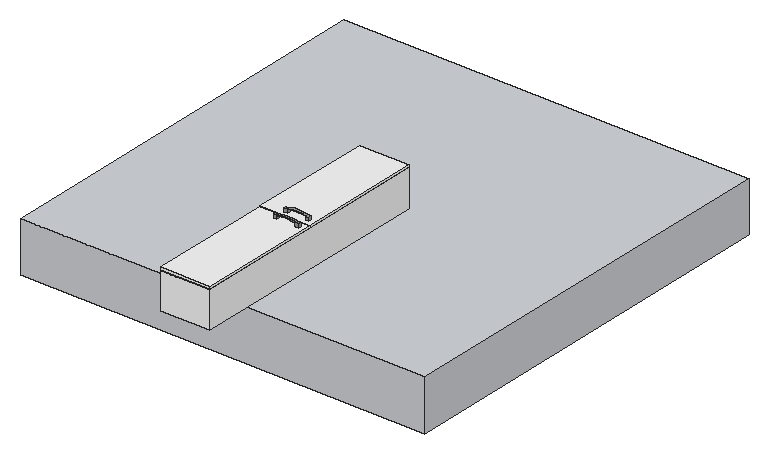
Revit family "IS_Tempo_E3243_BIM_GB", category Plumbing Fixtures, host Face, Revit 2012
Parameters (values of type "E3243WG - Tempo 300 x 235 x 1500mm Column Unit With 2 Doors - Gloss White")
  WaterEfficientProduct = no
  WarrantyStartDate [instance] = "1900-12-31T23:59:59"
  WarrantyGuarantorParts = "Productinfo@thebluebook.co.uk"
  WarrantyGuarantorLabor = "n/a"
  WarrantyDurationUnit = "year"
  WarrantyDurationParts = "5"
  WarrantyDurationLabor = "n/a"
  WarrantyDescription = "Manufacturers warranty"
  WRAS = no
  WFU = 0
  VolumeUnits = "Litres"
  Version = "1"
  Uniclass2 = "Pr_40_30_78_04"
  URL = "www.idealspec.co.uk"
  TagNumber [instance] = "n/a"
  TMV3 = no
  SustainabilityPerformance = "n/a"
  Style = "n/a"
  SpareParts = "www.fastpart-spares.co.uk"
  Space = "Internal"
  Size = "1500 x 300 x 235 mm"
  Shape = "Rectangular"
  SerialNumber [instance] = "n/a"
  Revision = "n/a"
  ReplacementCost = "n/a"
  ProductInformation = "www.idealspec.co.uk/assets/datasheet/E3243WG"
  Phone = "01482 346 461"
  NominalWidth = 300 mm
  NominalLength = 235 mm
  NominalHeight = 1500 mm
  NominalDepth = 235 mm
  NettWeight = "n/a"
  Name = "Furniture_Tempo_E3243WG_IdealStandard"
  NBSTypeID = "n/a"
  NBSReference = "45-35-72/320"
  NBSOfficeMasterTag = "n/a"
  NBSNote = "n/a"
  NBSDescription = "Bathroom integrated duct work"
  NBSCertification = "n/a"
  ModelReference = Description  # "Tempo 300 x 235 x 1500mm Column Unit With 2 Doors"
  ModelNumber = Model  # "E3243WG"
  Model = "E3243WG"
  Material = "Laminated board"
  ManufacturerURL = "www.specifysottini.co.uk"
  Manufacturer = "Productinfo@thebluebook.co.uk"
  MainColor = "White"
  LinearUnits = "millimeters"
  Laminate = ISI_IdealStandard_Laminate_WhiteGloss_Render
  Keynote = "n/a"
  InstallationInstructions = "www.idealspec.co.uk/resources.html"
  InstallationDate [instance] = "1900-12-31T23:59:59"
  IfcExportType = "USERDEFINED"
  IfcExportAs = "IfcFurnitureType"
  Handles = ISI_IdealStandard_Handles_Silver_Render
  HWFU = 0
  GrossWeight = "n/a"
  Grade = "n/a"
  Finish = Color  # "GlossWhite"
  Features = "2 doors"
  ExpectedLife = "30"
  ECA = no
  DurationUnit = "year"
  DistributedBy = "n/a"
  Description = "Tempo 300 x 235 x 1500mm Column Unit With 2 Doors"
  Default Elevation = 1800 mm
  CurrencyUnit = "n/a"
  CreatedOn = "2015-08-13"
  Constituents = "n/a"
  Color = "GlossWhite"
  CodePerformance = "n/a"
  CWFU = 0
  Brand = "Ideal Standard"
  BarCode [instance] = "n/a"
  BREEAM = no
  BIMObjectName = "ISI_IdealStandard_Furniture_Tempo_E3243WG"
  Author = "Ideal Standard (UK) Ltd"
  AssetType = "Fixed"
  AssetIdentifier [instance] = "n/a"
  Assembly Code = "C1030200"
  AreaUnits = "millimeters"
  AreaMeasurement = "n/a"
  Accessories = "www.idealspec.co.uk"
  AccessibilityPerformance = "n/a"
Types (2, lengths in mm): name | ProductInformation | Name | ModelNumber | Model | Laminate | Finish | Color | BIMObjectName
  E3243WG - Tempo 300 x 235 x 1500mm Column Unit With 2 Doors - Gloss White | "www.idealspec.co.uk/assets/datasheet/E3243WG" | "Furniture_Tempo_E3243WG_IdealStandard" | "E3243WG" | "E3243WG" | ISI_IdealStandard_Laminate_WhiteGloss_Render | "GlossWhite" | "GlossWhite" | "ISI_IdealStandard_Furniture_Tempo_E3243WG"
  E3243SG - Tempo 300 x 235 x 1500mm Column Unit With 2 Doors - Sandy grey | "www.idealspec.co.uk/assets/datasheet/E3243SG" | "Furniture_Tempo_E3243SG_IdealStandard" | "E3243SG" | "E3243SG" | ISI_IdealStandard_Laminate_SandyGrey_Render | "Sandy Grey" | "Sandy Grey" | "ISI_IdealStandard_Furniture_Tempo_E3243SG"
Reference planes
  plane 1 "Center (Front/Back)": y = 0
  plane 2: z = 0
  plane 3 "Center (Left/Right)": x = 0
  plane 4: x = -150
  plane 5: x = 150
  plane 6: y = -1500
  plane 7: z = 235
  plane 8: z = 223
  plane 9: x = -140
  plane 10: x = 140
  plane 11: y = -10
  plane 12: y = -1490
  plane 13: y = -750
  plane 14: y = -747.5
  plane 15: y = -752.5
  plane 16: y = -782.5
  plane 17: y = -717.5
  plane 18: x = -30
  plane 19: x = 120
Forms (mm)
  Extrusion 1, solid
    sketch origin (0, 0, 0) x (1, 0, 0) y (0, 1, 0)
      loop
        line (-1219.2, 1219.2) -> (-1219.2, -1219.2) -> (1219.2, -1219.2) -> (1219.2, 1219.2) -> (-1219.2, 1219.2)
    from 0 to -304.8
  Extrusion 2, solid, material "ISI_IdealStandard_Laminate_WhiteGloss_Render" <- "Laminate"
    sketch origin (0, 0, 0) x (1, 0, 0) y (0, 1, 0)
      loop
        line (-150, 0) -> (-150, -1500) -> (150, -1500) -> (150, 0) -> (-150, 0)
    from 0 to 235
  Extrusion 3, void
    sketch origin (821.169, 0, 223) x (0, 1, 0) y (1, 0, 0)
      loop
        line (0, -971.169) -> (0, -671.169) -> (-1500, -671.169) -> (-1500, -971.169) -> (0, -971.169)
      loop
        line (-10, -961.169) -> (-10, -681.169) -> (-1490, -681.169) -> (-1490, -961.169) -> (-10, -961.169)
    from 0 to 5
  Extrusion 4, void
    sketch origin (821.169, 0, 235) x (0, 1, 0) y (1, 0, 0)
      loop
        line (-747.5, -971.169) -> (-747.5, -671.169) -> (-752.5, -671.169) -> (-752.5, -971.169) -> (-747.5, -971.169)
    from 0 to 15
  Extrusion 5, solid, material "ISI_IdealStandard_Handles_Silver_Render" <- "Handles"
    sketch origin (-424.18, -717.5, 1219.2) x (-1, 0, 0) y (0, 0, 1)
      loop
        line (-544.18, -984.2) -> (-524.18, -984.2) -> (-524.18, -964.2)
        arc (-524.18, -964.2) -> (-469.18, -959.282) -> (-414.18, -964.2) r 310
        line (-414.18, -964.2) -> (-414.18, -984.2) -> (-394.18, -984.2) -> (-394.18, -964.2)
        arc (-394.18, -964.2) -> (-469.18, -954.991) -> (-544.18, -964.2) r 310
        line (-544.18, -964.2) -> (-544.18, -984.2)
    from 0 to 15
  Extrusion 6, solid, material "ISI_IdealStandard_Handles_Silver_Render" <- "Handles"
    sketch origin (-424.18, -782.5, 1219.2) x (-1, 0, 0) y (0, 0, -1)
      loop
        line (-544.18, 984.2) -> (-544.18, 964.2)
        arc (-544.18, 964.2) -> (-469.18, 954.991) -> (-394.18, 964.2) r 310
        line (-394.18, 964.2) -> (-394.18, 984.2) -> (-414.18, 984.2) -> (-414.18, 964.2)
        arc (-414.18, 964.2) -> (-469.18, 959.282) -> (-524.18, 964.2) r 310
        line (-524.18, 964.2) -> (-524.18, 984.2) -> (-544.18, 984.2)
    from 0 to 15
Cuts and joins
  Extrusion 3, Extrusion 4 cuts Extrusion 2
Dimensions and locks
  equal spacing: plane 4, plane 3 "Center (Left/Right)", plane 5
  "NominalWidth": plane 4 to plane 5
  "NominalHeight": plane 1 "Center (Front/Back)" to plane 6
  "NominalLength": plane 2 to plane 7
  locked: plane 8 to plane 7 at 12
  locked: plane 1 "Center (Front/Back)" to plane 11 at 10
  locked: plane 12 to plane 6 at 10
  locked: plane 10 to plane 5 at 10
  locked: plane 4 to plane 9 at 10
  equal spacing: plane 6, plane 13, plane 1 "Center (Front/Back)"
  plane 14 to plane 13 to plane 15 = 2.5 mm locked, 2.5 mm locked
  locked: plane 17 to plane 14 at 30
  locked: plane 15 to plane 16 at 30
  locked: plane 18 to plane 19 at 150
  aligned and locked: plane 2 to Extrusion 1
  aligned and locked: level to Extrusion 1
  aligned and locked: plane 1 "Center (Front/Back)" to Extrusion 2 sketch curve
  aligned and locked: Extrusion 2 sketch curve to plane 4
  aligned and locked: plane 6 to Extrusion 2 sketch curve
  aligned and locked: Extrusion 2 sketch curve to plane 5
  aligned and locked: plane 7 to Extrusion 2
  aligned and locked: Extrusion 2 to level
  aligned and locked: Extrusion 3 sketch curve to Extrusion 2  (x4)
  aligned and locked: plane 9 to cut or joined group of Extrusion 2, Extrusion 3, Extrusion 4
  aligned and locked: plane 10 to cut or joined group of Extrusion 2, Extrusion 3, Extrusion 4
  aligned and locked: plane 11 to cut or joined group of Extrusion 2, Extrusion 3, Extrusion 4
  aligned and locked: plane 14 to Extrusion 4 sketch curve
  aligned and locked: cut or joined group of Extrusion 2, Extrusion 3, Extrusion 4 to Extrusion 4 sketch curve  (x2)
  aligned and locked: Extrusion 4 sketch curve to plane 15
  aligned and locked: plane 16 to Extrusion 6
  aligned and locked: Extrusion 5 to plane 17
Automatic sketch dimensions
  Extrusion 1 sketch curve to Extrusion 1 sketch curve = 2438.4 mm  (x2)
  Extrusion 3 sketch curve to plane 9 = 0 mm
  Extrusion 3 sketch curve to plane 12 = 0 mm
  Extrusion 3 sketch curve to plane 10 = 0 mm
  Extrusion 3 sketch curve to plane 11 = 0 mm
  plane 19 to Extrusion 5 sketch curve = 0 mm
  Extrusion 5 sketch curve to plane 7 = 0 mm  (x2)
  plane 18 to Extrusion 5 sketch curve = 0 mm
  Extrusion 5 sketch curve to Extrusion 5 sketch curve = 20 mm
  plane 3 "Center (Left/Right)" to Extrusion 5 sketch curve = 45 mm
  Extrusion 5 sketch curve to Extrusion 5 sketch curve = 0 mm  (x2)
  Extrusion 5 sketch curve to plane 3 "Center (Left/Right)" = 10 mm
  Extrusion 5 sketch curve to level = 45.791 mm
  Extrusion 5 sketch curve to Extrusion 5 sketch curve = 4.291 mm
  plane 7 to Extrusion 5 sketch curve = 20 mm
  plane 19 to Extrusion 6 sketch curve = 0 mm
  Extrusion 6 sketch curve to plane 7 = 0 mm  (x2)
  plane 18 to Extrusion 6 sketch curve = 0 mm
  Extrusion 6 sketch curve to Extrusion 6 sketch curve = 20 mm
  plane 3 "Center (Left/Right)" to Extrusion 6 sketch curve = 45 mm
  Extrusion 6 sketch curve to Extrusion 6 sketch curve = 0 mm  (x2)
  Extrusion 6 sketch curve to plane 3 "Center (Left/Right)" = 10 mm
  plane 7 to Extrusion 6 sketch curve = 20 mm
  Extrusion 6 sketch curve to level = 45.791 mm
  Extrusion 6 sketch curve to Extrusion 6 sketch curve = 4.291 mm
